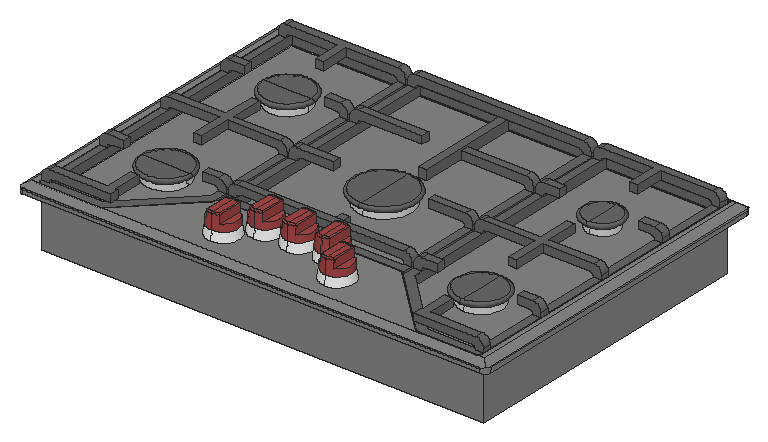
Revit family "M_Fogão-gás(1)", category Equipamento especial, Revit 2019
Family settings
  Cota do conector redondo = Utilizar diâmetro
  Tipo de parte = Normal
  Número OmniClass = 23.40.40.14
  Título OmniClass = Food Service Equipment
  Com base no plano de trabalho = Sim
  Sempre na vertical = Sim
  Corte com vazios quando carregada = Não
  Compartilhado = Não
  Ponto de cálculo do ambiente = Não
Parameters (values of type "750mm")
  Largura = 750 mm
  Voltagem = 120 V
  Type Comments = ""
  Acabamento da moldura = Eletrodoméstico – Cromado
  Mostrar legenda = yes
  Consumo de energia = 50 VA
  Legenda = "Fogão"
  Altura da superfície = 15 mm
  Botão = Eletrodoméstico – Plástico – Vermelho
  Espessura da carcaça = 100 mm
  Descrição = "Fogão a gás"
  Elevação-padrão = 1200 mm
  Profundidade do balcão = 530 mm
  Grelha central = 300 mm
  Queimador = Eletrodoméstico – Tampa do queimador
  Código de montagem = "E1090320"
  Acabamento do eletrodoméstico = Eletrodoméstico – Aço inoxidável
  Amperagem = Consumo de energia / Voltagem  # 0.416667 A
Types (2, lengths in mm): name | Largura
  900mm | 900
  750mm | 750
Reference planes
  plane 1 "Face do armário": y = 0
  plane 2: z = 0
  plane 3 "Centro (Esquerda/Direita)": x = 0
  plane 4 "Esquerda": x = -375
  plane 5 "Direita": x = 375
  plane 6 "Parte posterior": y = 265
  plane 7 "Traseira da porta": y = -265
  plane 8 "Superior": z = 15
  plane 9 "Base": z = -85
  plane 10: x = -353
  plane 11: x = 353
  plane 12: y = -243
  plane 13: y = 243
  plane 14: x = -150
  plane 15: x = 150
  plane 16 "Queimadores posteriores": y = 121.5
  plane 17 "Queimadores frontais": y = -121.5
  plane 18 "Queimadores direitos": x = 251.5
  plane 19 "Queimadores esquerdos": x = -251.5
  plane 20: x = -245.15
  plane 21: x = -257.85
  plane 22: y = -115.15
  plane 23: y = -127.85
  plane 24: y = 127.85
  plane 25: y = 115.15
  plane 26: x = -315
  plane 27: x = -188
  plane 28: x = -31.75
  plane 29: x = 31.75
  plane 30: x = 245.15
  plane 31: x = 257.85
  plane 32: x = 315
  plane 33: x = 188
  plane 34: y = -519
  plane 35: y = -207.85
  plane 36: y = -169.75
  plane 37: y = 230.3
  plane 38: y = 185
  plane 39: y = -230.3
  plane 40: y = -185
  plane 41: y = 252.3
  plane 42: y = 239.6
  plane 43: z = 21.35
  plane 44: z = 34.05
  plane 45: y = -58
  plane 46: x = -242.3
  plane 47: x = 242.3
  plane 48: z = 0.397
  plane 49: y = -252.3
  plane 50: y = -238.012
  plane 51: z = -42.5
  plane 52: x = -75
  plane 53: x = -6.35
  plane 54: x = 6.35
  plane 55: y = 76.2
  plane 56: y = -76.2
  plane 57: x = -76.2
  plane 58: x = 76.2
Forms (mm)
  Extrusion 1, solid, material "Eletrodoméstico – Aço inoxidável" <- "Acabamento do eletrodoméstico"
    sketch origin (0, 0, -85) x (-1, 0, 0) y (0, -1, 0)
      loop
        line (353, -243) -> (353, 243) -> (-353, 243) -> (-353, -243) -> (353, -243)
    from 0 to 82.55
  Sweep 2, void
    path in 3D
      loop
        line (-375, -265, 14.287) -> (375, -265, 14.287) -> (375, 265, 14.287) -> (-375, 265, 14.287) -> (-375, -265, 14.287)
    profile origin (-375, 0, 14.287) x (1, 0, 0) y (0, 0, 1)
      loop
        line (0.746, -6.759) -> (12.7, 0.713) -> (0, 0.713) -> (0, -8.105)
        arc (0, -8.105) -> (0.199, -7.335) -> (0.746, -6.759) r 1.587
  Extrusion 3, solid, material "Eletrodoméstico – Ferro fundido", detail levels fine
    sketch origin (0, -3.2, 0) x (1, 0, 0) y (0, 1, 0)
      loop
        line (-353, -249.1) -> (-251.6, -249.1) -> (-150, -147.5) -> (-150, 255.5) -> (-353, 255.5) -> (-353, -249.1)
      loop
        line (146.825, -141.15) -> (146.825, 255.5) -> (-146.825, 255.5) -> (-146.825, -141.15) -> (146.825, -141.15)
      loop
        line (251.6, -249.1) -> (346.65, -249.1)
        arc (346.65, -249.1) -> (351.14, -247.24) -> (353, -242.75) r 6.35
        line (353, -242.75) -> (353, 255.5) -> (150, 255.5) -> (150, -147.5) -> (251.6, -249.1)
      loop
        line (-162.7, 242.8) -> (-340.3, 242.8) -> (-340.3, -236.4) -> (-259.106, -236.4) -> (-162.7, -139.994) -> (-162.7, 242.8)
      loop
        line (134.125, 242.8) -> (6.35, 242.8) -> (6.35, 79.4) -> (-6.35, 79.4) -> (-6.35, 242.8) -> (-134.125, 242.8) -> (-134.125, -128.45) -> (-6.35, -128.45) -> (-6.35, -73) -> (6.35, -73) -> (6.35, -128.45) -> (134.125, -128.45) -> (134.125, 242.8)
      loop
        line (162.7, 242.8) -> (162.7, -139.994) -> (259.106, -236.4) -> (340.3, -236.4) -> (340.3, 242.8) -> (162.7, 242.8)
    from 0 to 15
  Extrusion 4, solid, material "Eletrodoméstico – Ferro fundido", detail levels fine
    sketch origin (0, -3.2, 15) x (-1, 0, 0) y (0, -1, 0)
      loop
        line (353, -246.2) -> (353, -233.5) -> (257.85, -233.5) -> (257.85, -188.2) -> (245.15, -188.2) -> (245.15, -233.5) -> (150, -233.5) -> (150, -246.2) -> (353, -246.2)
      loop
        line (353, 239.8) -> (242.3, 239.8) -> (242.3, 227.1) -> (245.15, 227.1) -> (245.15, 181.8) -> (257.85, 181.8) -> (257.85, 227.1) -> (353, 227.1) -> (353, 239.8)
      loop
        line (353, -9.55) -> (353, 3.15) -> (257.85, 3.15) -> (257.85, 54.8) -> (245.15, 54.8) -> (245.15, 3.15) -> (150, 3.15) -> (150, -9.55) -> (245.15, -9.55) -> (245.15, -61.2) -> (257.85, -61.2) -> (257.85, -9.55) -> (353, -9.55)
      loop
        line (353, 111.95) -> (353, 124.65) -> (315, 124.65) -> (315, 111.95) -> (353, 111.95)
      loop
        line (150, 111.95) -> (188, 111.95) -> (188, 124.65) -> (150, 124.65) -> (150, 111.95)
      loop
        line (353, -131.05) -> (353, -118.35) -> (315, -118.35) -> (315, -131.05) -> (353, -131.05)
      loop
        line (188, -131.05) -> (188, -118.35) -> (150, -118.35) -> (150, -131.05) -> (188, -131.05)
      loop
        line (146.825, -246.2) -> (146.825, -233.5) -> (-146.825, -233.5) -> (-146.825, -246.2) -> (146.825, -246.2)
      loop
        line (146.825, -131.05) -> (146.825, -118.35) -> (31.75, -118.35) -> (31.75, -131.05) -> (146.825, -131.05)
      loop
        line (-146.825, -118.35) -> (-146.825, -131.05) -> (-31.75, -131.05) -> (-31.75, -118.35) -> (-146.825, -118.35)
      loop
        line (146.825, -9.55) -> (146.825, 3.15) -> (76.2, 3.15) -> (76.2, -9.55) -> (146.825, -9.55)
      loop
        line (-146.825, 3.15) -> (-146.825, -9.55) -> (-76.2, -9.55) -> (-76.2, 3.15) -> (-146.825, 3.15)
      loop
        line (146.825, 111.95) -> (146.825, 124.65) -> (-146.825, 124.65) -> (-146.825, 111.95) -> (146.825, 111.95)
      loop
        line (-353, -246.2) -> (-150, -246.2) -> (-150, -233.5) -> (-245.15, -233.5) -> (-245.15, -188.2) -> (-257.85, -188.2) -> (-257.85, -233.5) -> (-353, -233.5) -> (-353, -246.2)
      loop
        line (-353, 239.8) -> (-353, 227.1) -> (-257.85, 227.1) -> (-257.85, 181.8) -> (-245.15, 181.8) -> (-245.15, 227.1) -> (-242.3, 227.1) -> (-242.3, 239.8) -> (-353, 239.8)
      loop
        line (-353, -9.55) -> (-257.85, -9.55) -> (-257.85, -61.2) -> (-245.15, -61.2) -> (-245.15, -9.55) -> (-150, -9.55) -> (-150, 3.15) -> (-245.15, 3.15) -> (-245.15, 54.8) -> (-257.85, 54.8) -> (-257.85, 3.15) -> (-353, 3.15) -> (-353, -9.55)
      loop
        line (-353, 111.95) -> (-315, 111.95) -> (-315, 124.65) -> (-353, 124.65) -> (-353, 111.95)
      loop
        line (-150, 111.95) -> (-150, 124.65) -> (-188, 124.65) -> (-188, 111.95) -> (-150, 111.95)
      loop
        line (-353, -131.05) -> (-315, -131.05) -> (-315, -118.35) -> (-353, -118.35) -> (-353, -131.05)
      loop
        line (-188, -131.05) -> (-150, -131.05) -> (-150, -118.35) -> (-188, -118.35) -> (-188, -131.05)
    from 0 to 19.05
  Extrusion 5, void
    sketch origin (0, -121.5, 0) x (-1, 0, 0) y (0, 0, 1)
      loop
        arc (169.05, 21.35) -> (164.56, 19.49) -> (162.7, 15) r 6.35
        line (162.7, 15) -> (340.3, 15)
        arc (340.3, 15) -> (338.44, 19.49) -> (333.95, 21.35) r 6.35
        line (333.95, 21.35) -> (169.05, 21.35)
      loop
        line (353, 34.05) -> (340.3, 34.05)
        arc (340.3, 34.05) -> (349.28, 30.33) -> (353, 21.35) r 12.7
        line (353, 21.35) -> (353, 34.05)
      loop
        line (150, 34.05) -> (150, 21.35)
        arc (150, 21.35) -> (153.72, 30.33) -> (162.7, 34.05) r 12.7
        line (162.7, 34.05) -> (150, 34.05)
      loop
        line (-169.05, 21.35) -> (-333.95, 21.35)
        arc (-333.95, 21.35) -> (-338.44, 19.49) -> (-340.3, 15) r 6.35
        line (-340.3, 15) -> (-162.7, 15)
        arc (-162.7, 15) -> (-164.56, 19.49) -> (-169.05, 21.35) r 6.35
      loop
        line (-353, 34.05) -> (-353, 21.35)
        arc (-353, 21.35) -> (-349.28, 30.33) -> (-340.3, 34.05) r 12.7
        line (-340.3, 34.05) -> (-353, 34.05)
      loop
        line (-150, 34.05) -> (-162.7, 34.05)
        arc (-162.7, 34.05) -> (-153.72, 30.33) -> (-150, 21.35) r 12.7
        line (-150, 21.35) -> (-150, 34.05)
      loop
        line (-146.825, 34.05) -> (-146.825, 21.35)
        arc (-146.825, 21.35) -> (-143.105, 30.33) -> (-134.125, 34.05) r 12.7
        line (-134.125, 34.05) -> (-146.825, 34.05)
      loop
        line (146.825, 34.05) -> (134.125, 34.05)
        arc (134.125, 34.05) -> (143.105, 30.33) -> (146.825, 21.35) r 12.7
        line (146.825, 21.35) -> (146.825, 34.05)
      loop
        arc (-127.775, 21.35) -> (-132.265, 19.49) -> (-134.125, 15) r 6.35
        line (-134.125, 15) -> (134.125, 15)
        arc (134.125, 15) -> (132.265, 19.49) -> (127.775, 21.35) r 6.35
        line (127.775, 21.35) -> (-127.775, 21.35)
    from -143.5 to 386.5
  Revolve 6, solid, material "Eletrodoméstico – Tampa do queimador" <- "Queimador"
    sketch origin (0, 121.5, 0) x (-1, 0, 0) y (0, 0, 1)
      loop
        line (251.5, 0) -> (285.489, 0) -> (283.25, 13.413) -> (289.6, 13.413)
        arc (289.6, 13.413) -> (292.775, 16.588) -> (289.6, 19.763) r 3.175
        line (289.6, 19.763) -> (251.5, 19.763) -> (251.5, 0)
      axis (251.5, 19.763) -> (251.5, 0)
    angle from 0 to 360
  Revolve 7, solid, material "Eletrodoméstico – Tampa do queimador" <- "Queimador"
    sketch origin (-479.65, -121.5, 0) x (-1, 0, 0) y (0, 0, 1)
      loop
        line (-228.15, 0) -> (-194.161, 0) -> (-196.4, 13.413) -> (-190.05, 13.413)
        arc (-190.05, 13.413) -> (-186.875, 16.588) -> (-190.05, 19.763) r 3.175
        line (-190.05, 19.763) -> (-228.15, 19.763) -> (-228.15, 0)
      axis (-228.15, 19.763) -> (-228.15, 0)
    angle from 0 to 360
  Extrusion 8, solid, material "Eletrodoméstico – Aço inoxidável" <- "Acabamento do eletrodoméstico"
    sketch origin (0, 0, 0) x (1, 0, 0) y (0, 1, 0)
      loop
        arc (-365.475, 265) -> (-372.21, 262.21) -> (-375, 255.475) r 9.525
        line (-375, 255.475) -> (-375, -255.475)
        arc (-375, -255.475) -> (-372.21, -262.21) -> (-365.475, -265) r 9.525
        line (-365.475, -265) -> (365.475, -265)
        arc (365.475, -265) -> (372.21, -262.21) -> (375, -255.475) r 9.525
        line (375, -255.475) -> (375, 255.475)
        arc (375, 255.475) -> (372.21, 262.21) -> (365.475, 265) r 9.525
        line (365.475, 265) -> (-365.475, 265)
    from 0 to 15
  Blend 9, void
    base sketch origin (0, 0, 0) x (1, 0, 0) y (0, 1, 0)
      loop
        line (-338.884, 238.209) -> (-338.884, -238.012) -> (-257.494, -238.012) -> (-149.544, -130.062) -> (149.593, -130.062) -> (257.543, -238.012) -> (338.737, -238.012) -> (338.737, 238.209) -> (-338.884, 238.209)
    top sketch origin (0, 0, 0) x (1, 0, 0) y (0, 1, 0)
      loop
        arc (-346.65, 252.3) -> (-351.14, 250.44) -> (-353, 245.95) r 6.35
        line (-353, 245.95) -> (-353, -245.95)
        arc (-353, -245.95) -> (-351.14, -250.44) -> (-346.65, -252.3) r 6.35
        line (-346.65, -252.3) -> (-262.121, -252.3)
        arc (-262.121, -252.3) -> (-252.401, -250.367) -> (-244.161, -244.861) r 25.4
        line (-244.161, -244.861) -> (-151.089, -151.789)
        arc (-151.089, -151.789) -> (-142.849, -146.283) -> (-133.129, -144.35) r 25.4
        line (-133.129, -144.35) -> (133.129, -144.35)
        arc (133.129, -144.35) -> (142.849, -146.283) -> (151.089, -151.789) r 25.4
        line (151.089, -151.789) -> (244.161, -244.861)
        arc (244.161, -244.861) -> (252.401, -250.367) -> (262.121, -252.3) r 25.4
        line (262.121, -252.3) -> (346.65, -252.3)
        arc (346.65, -252.3) -> (351.14, -250.44) -> (353, -245.95) r 6.35
        line (353, -245.95) -> (353, 245.95)
        arc (353, 245.95) -> (351.14, 250.44) -> (346.65, 252.3) r 6.35
        line (346.65, 252.3) -> (-346.65, 252.3)
    from 0.397 to 15
  Extrusion 10, solid, not visible
    sketch origin (0, 265, 0) x (-1, 0, 0) y (0, 0, 1)
      loop
        circle (-251.5, -42.5) r 12.7
      loop
        circle (75, -42.5) r 12.7
    from -22 to -74.241
  Revolve 11, solid, material "Eletrodoméstico – Tampa do queimador" <- "Queimador"
    sketch origin (251.5, 0, 0) x (0, 1, 0) y (0, 0, 1)
      loop
        line (-121.5, 19.794) -> (-159.6, 19.794)
        arc (-159.6, 19.794) -> (-162.775, 16.619) -> (-159.6, 13.444) r 3.175
        line (-159.6, 13.444) -> (-153.25, 13.444) -> (-155.489, 0) -> (-121.5, 0) -> (-121.5, 19.794)
      axis (-121.5, 0) -> (-121.5, 19.794)
    angle from 0 to 360
  Revolve 12, solid, material "Eletrodoméstico – Tampa do queimador" <- "Queimador"
    sketch origin (251.5, 0, 0) x (0, 1, 0) y (0, 0, 1)
      loop
        line (121.5, 19.759) -> (92.925, 19.759)
        arc (92.925, 19.759) -> (89.75, 16.584) -> (92.925, 13.409) r 3.175
        line (92.925, 13.409) -> (99.275, 13.409) -> (97.036, 0) -> (121.5, 0) -> (121.5, 19.759)
      axis (121.5, 0) -> (121.5, 19.759)
    angle from 0 to 360
  Revolve 13, solid, material "Eletrodoméstico – Tampa do queimador" <- "Queimador"
    sketch origin (0, 0, 0) x (0, 1, 0) y (0, 0, 1)
      loop
        line (0, 19.732) -> (-47.341, 19.732)
        arc (-47.341, 19.732) -> (-50.565, 16.507) -> (-47.341, 13.283) r 3.225
        line (-47.341, 13.283) -> (-40.991, 13.283) -> (-43.23, 0) -> (0, 0) -> (0, 19.732)
      axis (0, 19.732) -> (0, 0)
    angle from 0 to 360
Cuts and joins
  Extrusion 5, Blend 9 cuts Extrusion 4
  Sweep 2, Blend 9 cuts Extrusion 8
  Blend 9 cuts Extrusion 1
Lines and regions (mm)
  symbolic lines, style "Eletrodomésticos"
    curve 1: line (-375, 265, 0) -> (375, 265, 0)
    curve 2: line (-375, 265, 0) -> (-375, -265, 0)
    curve 3: line (375, -265, 0) -> (375, 265, 0)
    curve 4: line (-375, -265, 0) -> (375, -265, 0)
  sketch lines
    curve 5: line (-375, 265, 14.287) -> (-375, -265, 14.287)
    curve 6: line (375, 265, 14.287) -> (-375, 265, 14.287)
    curve 7: line (375, -265, 14.287) -> (375, 265, 14.287)
    curve 8: line (-375, -265, 14.287) -> (375, -265, 14.287)
Dimensions and locks
  equal spacing: plane 4 "Esquerda", plane 3 "Centro (Esquerda/Direita)", plane 5 "Direita"
  "Largura": plane 4 "Esquerda" to plane 5 "Direita"
  "Altura da superfície": plane 8 "Superior" to level
  "Espessura da carcaça": plane 8 "Superior" to plane 9 "Base"
  "Profundidade do balcão": plane 6 "Parte posterior" to plane 7 "Traseira da porta"
  locked: plane 4 "Esquerda" to plane 10 at 22
  locked: plane 11 to plane 5 "Direita" at 22
  locked: plane 6 "Parte posterior" to plane 13 at 22
  locked: plane 12 to plane 7 "Traseira da porta" at 22
  locked: Sweep 2 sketch curve to plane 4 "Esquerda" at 12.7
  locked: plane 8 "Superior" to Sweep 2 sketch curve at 8.817
  locked: Extrusion 3 to plane 8 "Superior" at 0
  equal spacing: plane 14, plane 3 "Centro (Esquerda/Direita)", plane 15
  "Grelha central": plane 14 to plane 15
  equal spacing: plane 10, plane 19 "Queimadores esquerdos", plane 14
  equal spacing: plane 15, plane 18 "Queimadores direitos", plane 11
  equal spacing: plane 12, plane 17 "Queimadores frontais", plane 1 "Face do armário", plane 16 "Queimadores posteriores", plane 13
  plane 17 "Queimadores frontais" to plane 1 "Face do armário" = 121.5 mm
  locked: plane 7 "Traseira da porta" to plane 34 at 254
  locked: plane 35 to plane 12 at 35.15
  locked: plane 36 to plane 35 at 38.1
  plane 26 to plane 21 to plane 19 "Queimadores esquerdos" to plane 20 to plane 27 = 57.15 mm locked, 6.35 mm locked, 6.35 mm locked, 57.15 mm locked
  locked: plane 14 to Extrusion 4 sketch curve at 3.175  (x4)
  plane 28 to plane 3 "Centro (Esquerda/Direita)" to plane 29 = 31.75 mm locked, 31.75 mm locked
  plane 33 to plane 30 to plane 18 "Queimadores direitos" to plane 31 to plane 32 = 57.15 mm locked, 6.35 mm locked, 6.35 mm locked, 57.15 mm locked
  locked: plane 13 to plane 37 at 12.7
  locked: plane 39 to plane 12 at 12.7
  plane 22 to plane 17 "Queimadores frontais" to plane 23 = 6.35 mm locked, 6.35 mm locked
  locked: Extrusion 4 sketch curve to plane 15 at 3.175  (x3)
  plane 24 to plane 16 "Queimadores posteriores" to plane 25 = 6.35 mm locked, 6.35 mm locked
  plane 6 "Parte posterior" to plane 41 to plane 42 = 12.7 mm locked, 12.7 mm locked
  locked: plane 10 to Extrusion 3 sketch curve at 12.7
  locked: Extrusion 3 sketch curve to plane 14 at 12.7
  locked: plane 14 to Extrusion 3 sketch curve at 3.175
  locked: plane 14 to Extrusion 3 sketch curve at 15.875
  locked: Extrusion 3 sketch curve to plane 15 at 3.175
  locked: Extrusion 3 sketch curve to plane 15 at 15.875
  locked: plane 15 to Extrusion 3 sketch curve at 12.7
  locked: Extrusion 3 sketch curve to plane 11 at 12.7
  locked: Extrusion 3 sketch curve to plane 7 "Traseira da porta" at 12.7  (x2)
  locked: Extrusion 3 sketch curve to plane 7 "Traseira da porta" at 25.4  (x2)
  locked: Extrusion 3 sketch curve to plane 12 at 98.65
  locked: Extrusion 3 sketch curve to plane 12 at 111.35
  locked: Extrusion 3 sketch curve to plane 12 at 99.806  (x2)
  locked: Extrusion 3 sketch curve to plane 12 at 92.3  (x2)
  locked: Extrusion 3 sketch curve to plane 14 at 101.6
  locked: Extrusion 3 sketch curve to plane 14 at 109.106
  locked: plane 15 to Extrusion 3 sketch curve at 109.106
  locked: plane 15 to Extrusion 3 sketch curve at 101.6
  locked: plane 43 to plane 8 "Superior" at 6.35
  locked: plane 10 to Extrusion 5 sketch curve at 12.7
  Extrusion 5 sketch curve to plane 14 to Extrusion 5 sketch curve = 12.7 mm locked, 15.875 mm locked
  Extrusion 5 sketch curve to plane 15 to Extrusion 5 sketch curve = 15.875 mm locked, 12.7 mm locked
  locked: Extrusion 5 sketch curve to plane 11 at 12.7
  locked: plane 44 to plane 43 at 12.7
  locked: plane 38 to plane 16 "Queimadores posteriores" at 63.5
  locked: plane 45 to plane 17 "Queimadores frontais" at 63.5
  locked: plane 17 "Queimadores frontais" to plane 40 at 63.5
  locked: plane 46 to plane 14 at 92.3
  locked: plane 15 to plane 47 at 92.3
  locked: plane 48 to plane 2 at 0.397
  locked: Blend 9 sketch curve to plane 13 at 9.3
  locked: plane 12 to plane 49 at 9.3
  locked: Extrusion 3 to plane 49 at 107.95
  locked: plane 13 to Blend 9 sketch curve at 4.791
  locked: Blend 9 sketch curve to plane 11 at 14.263
  locked: plane 10 to Blend 9 sketch curve at 14.116
  locked: plane 50 to plane 12 at 4.988
  locked: Blend 9 sketch curve to plane 50 at 107.95
  equal spacing: plane 9 "Base", plane 51, plane 2
  equal spacing: plane 3 "Centro (Esquerda/Direita)", plane 52, plane 14
  locked: Extrusion 10 to plane 13 at 52.241
  locked: plane 53 to plane 3 "Centro (Esquerda/Direita)" at 6.35
  locked: plane 3 "Centro (Esquerda/Direita)" to plane 54 at 6.35
  Revolve 13 sketch curve to Revolve 13 sketch curve = 47.341 mm
  locked: Revolve 11 sketch curve to Revolve 11 sketch curve at 38.1
  locked: plane 55 to plane 1 "Face do armário" at 76.2
  locked: plane 56 to plane 1 "Face do armário" at 76.2
  locked: plane 57 to plane 3 "Centro (Esquerda/Direita)" at 76.2
  locked: plane 3 "Centro (Esquerda/Direita)" to plane 58 at 76.2
  locked: plane 49 to Extrusion 3 (angle 45.00°)
  locked: Extrusion 3 to plane 49 (angle 45.00°)
  locked: plane 50 to Blend 9 sketch curve (angle 45.00°)
  locked: Blend 9 sketch curve to plane 50 (angle 45.00°)
  aligned and locked: plane 2 to level
  aligned and locked: plane 3 "Centro (Esquerda/Direita)" to nested 1
  aligned and locked: Extrusion 1 sketch curve to plane 13
  aligned and locked: Extrusion 1 sketch curve to plane 10
  aligned and locked: plane 12 to Extrusion 1 sketch curve
  aligned and locked: plane 11 to Extrusion 1 sketch curve
  aligned and locked: plane 8 "Superior" to Sweep 2 sketch curve
  aligned and locked: plane 4 "Esquerda" to Sweep 2 sketch curve
  aligned and locked: plane 8 "Superior" to nested 2
  aligned and locked: plane 3 "Centro (Esquerda/Direita)" to nested 2
  aligned and locked: plane 15 to Extrusion 3 sketch curve  (x2)
  aligned and locked: plane 8 "Superior" to Extrusion 3
  aligned and locked: plane 14 to Extrusion 4 sketch curve  (x3)
  aligned and locked: Extrusion 4 sketch curve to plane 13  (x2)
  aligned and locked: Extrusion 4 sketch curve to plane 10  (x3)
  aligned and locked: plane 21 to Extrusion 4 sketch curve  (x2)
  aligned and locked: Extrusion 4 sketch curve to plane 20  (x2)
  aligned and locked: Extrusion 4 sketch curve to plane 21  (x2)
  aligned and locked: plane 20 to Extrusion 4 sketch curve  (x2)
  aligned and locked: plane 23 to Extrusion 4 sketch curve  (x3)
  aligned and locked: Extrusion 4 sketch curve to plane 22  (x3)
  aligned and locked: Extrusion 4 sketch curve to plane 23  (x2)
  aligned and locked: plane 22 to Extrusion 4 sketch curve  (x2)
  aligned and locked: Extrusion 4 sketch curve to plane 24  (x3)
  aligned and locked: plane 25 to Extrusion 4 sketch curve  (x3)
  aligned and locked: Extrusion 4 sketch curve to Extrusion 4 sketch curve  (x12)
  aligned and locked: Extrusion 4 sketch curve to plane 26
  aligned and locked: plane 27 to Extrusion 4 sketch curve
  aligned and locked: Extrusion 4 sketch curve to plane 28
  aligned and locked: Extrusion 4 sketch curve to plane 29
  aligned and locked: plane 13 to Extrusion 4 sketch curve
  aligned and locked: Extrusion 4 sketch curve to plane 31  (x2)
  aligned and locked: plane 30 to Extrusion 4 sketch curve  (x2)
  aligned and locked: plane 31 to Extrusion 4 sketch curve  (x2)
  aligned and locked: Extrusion 4 sketch curve to plane 30  (x2)
  aligned and locked: Extrusion 4 sketch curve to plane 11  (x4)
  aligned and locked: plane 32 to Extrusion 4 sketch curve
  aligned and locked: plane 33 to Extrusion 4 sketch curve
  aligned and locked: Extrusion 4 sketch curve to plane 15
  aligned and locked: plane 24 to Extrusion 4 sketch curve  (x2)
  aligned and locked: Extrusion 4 sketch curve to plane 25  (x2)
  aligned and locked: plane 15 to Extrusion 4 sketch curve  (x2)
  aligned and locked: plane 10 to Extrusion 5 sketch curve
  aligned and locked: plane 14 to Extrusion 5 sketch curve
  aligned and locked: plane 15 to Extrusion 5 sketch curve
  aligned and locked: plane 11 to Extrusion 5 sketch curve
  aligned and locked: Extrusion 5 sketch curve to cut or joined group of Extrusion 4, Extrusion 5, Blend 9  (x2)
  aligned and locked: Revolve 6 sketch curve to plane 19 "Queimadores esquerdos"
  aligned and locked: Revolve 7 sketch curve to plane 19 "Queimadores esquerdos"
  aligned and locked: nested 1 to plane 34
  aligned and locked: nested 5 to plane 35
  aligned and locked: nested 6 to plane 35
  aligned and locked: nested 3 to plane 36
  aligned and locked: nested 2 to plane 36
  aligned and locked: nested 4 to plane 36
  aligned and locked: plane 37 to Extrusion 4 sketch curve  (x2)
  aligned and locked: Extrusion 4 sketch curve to plane 37  (x2)
  aligned and locked: plane 38 to Extrusion 4 sketch curve
  aligned and locked: Extrusion 4 sketch curve to plane 38
  aligned and locked: plane 39 to Extrusion 4 sketch curve  (x2)
  aligned and locked: Extrusion 4 sketch curve to plane 12
  aligned and locked: plane 10 to Extrusion 4 sketch curve
  aligned and locked: plane 40 to Extrusion 4 sketch curve
  aligned and locked: plane 12 to Extrusion 4 sketch curve
  aligned and locked: Extrusion 4 sketch curve to plane 39  (x2)
  aligned and locked: plane 11 to Extrusion 4 sketch curve
  aligned and locked: Extrusion 4 sketch curve to plane 40
  aligned and locked: Extrusion 4 sketch curve to plane 14
  aligned and locked: Extrusion 3 sketch curve to plane 41
  aligned and locked: plane 42 to Extrusion 3 sketch curve  (x3)
  aligned and locked: plane 14 to Extrusion 3 sketch curve
  aligned and locked: Extrusion 5 sketch curve to plane 8 "Superior"  (x3)
  aligned and locked: Extrusion 5 sketch curve to plane 43
  aligned and locked: plane 43 to Extrusion 5 sketch curve  (x8)
  aligned and locked: Extrusion 5 sketch curve to plane 44  (x4)
  aligned and locked: plane 44 to Extrusion 5 sketch curve  (x2)
  aligned and locked: plane 6 "Parte posterior" to Extrusion 5
  aligned and locked: Extrusion 5 to plane 7 "Traseira da porta"
  aligned and locked: Extrusion 8 sketch curve to plane 5 "Direita"
  aligned and locked: plane 7 "Traseira da porta" to Extrusion 8 sketch curve
  aligned and locked: plane 4 "Esquerda" to Extrusion 8 sketch curve
  aligned and locked: Extrusion 8 sketch curve to plane 6 "Parte posterior"
  aligned and locked: Extrusion 8 to plane 2
  aligned and locked: plane 8 "Superior" to Extrusion 8
  aligned and locked: plane 6 "Parte posterior" to curve 6
  aligned and locked: curve 8 to plane 7 "Traseira da porta"
  aligned and locked: curve 5 to plane 4 "Esquerda"
  aligned and locked: plane 5 "Direita" to curve 7
  aligned and locked: Extrusion 4 sketch curve to plane 45
  aligned and locked: plane 45 to Extrusion 4 sketch curve
  aligned and locked: plane 47 to Extrusion 4 sketch curve
  aligned and locked: plane 46 to Extrusion 4 sketch curve
  aligned and locked: plane 8 "Superior" to Blend 9
  aligned and locked: cut or joined group of Sweep 2, Extrusion 8, Blend 9 to plane 48
  aligned and locked: Blend 9 sketch curve to plane 10
  aligned and locked: plane 11 to Blend 9 sketch curve
  aligned and locked: plane 49 to Blend 9 sketch curve  (x2)
  aligned and locked: plane 50 to Blend 9 sketch curve  (x2)
  aligned and locked: plane 8 "Superior" to nested 4
  aligned and locked: plane 8 "Superior" to nested 5
  aligned and locked: plane 8 "Superior" to nested 3
  aligned and locked: plane 8 "Superior" to nested 6
  aligned and locked: plane 51 to Extrusion 10 sketch curve  (x2)
  aligned and locked: plane 18 "Queimadores direitos" to Extrusion 10 sketch curve
  aligned and locked: plane 52 to Extrusion 10 sketch curve
  aligned and locked: Extrusion 10 to plane 13
  aligned and locked: Extrusion 3 sketch curve to plane 53  (x2)
  aligned and locked: Extrusion 3 sketch curve to plane 54  (x2)
  aligned and locked: Revolve 11 sketch curve to plane 17 "Queimadores frontais"
  aligned and locked: Revolve 12 sketch curve to plane 16 "Queimadores posteriores"
  aligned and locked: plane 1 "Face do armário" to Revolve 13 sketch curve
  aligned and locked: Revolve 13 sketch curve to plane 1 "Face do armário"
  aligned and locked: Extrusion 3 sketch curve to plane 55
  aligned and locked: plane 56 to Extrusion 3 sketch curve
  aligned and locked: Extrusion 4 sketch curve to plane 57
  aligned and locked: Extrusion 4 sketch curve to plane 58
  aligned and locked: Extrusion 3 sketch curve to Extrusion 3 sketch curve
Automatic sketch dimensions
  curve 4 to plane 4 "Esquerda" = 0 mm
  curve 3 to plane 5 "Direita" = 0 mm
  curve 4 to plane 7 "Traseira da porta" = 0 mm
  curve 3 to plane 6 "Parte posterior" = 0 mm
  Sweep 2 sketch curve to profile plane = 0.746 mm
  Sweep 2 sketch curve to profile plane = 1.587 mm
  Extrusion 3 sketch curve to plane 10 = 0 mm  (x3)
  Extrusion 3 sketch curve to plane 11 = 0 mm  (x2)
  Extrusion 3 sketch curve to plane 42 = 0 mm
  Extrusion 3 sketch curve to plane 41 = 0 mm  (x4)
  Extrusion 3 sketch curve to plane 12 = 2.95 mm
  Extrusion 3 sketch curve to Extrusion 3 sketch curve = 0 mm
  Extrusion 4 sketch curve to plane 15 = 0 mm
  Extrusion 4 sketch curve to plane 10 = 0 mm
  Extrusion 4 sketch curve to plane 37 = 0 mm
  Extrusion 4 sketch curve to plane 24 = 0 mm
  Extrusion 4 sketch curve to plane 25 = 0 mm
  Extrusion 4 sketch curve to plane 25 = 57.15 mm  (x2)
  Extrusion 4 sketch curve to plane 1 "Face do armário" = 6.35 mm  (x2)
  plane 1 "Face do armário" to Extrusion 4 sketch curve = 6.35 mm  (x2)
  Extrusion 5 sketch curve to plane 44 = 0 mm
  Extrusion 5 sketch curve to Extrusion 5 sketch curve = 0 mm
  Revolve 6 sketch curve to level = 0 mm
  Revolve 6 sketch curve to plane 19 "Queimadores esquerdos" = 0 mm
  Revolve 6 sketch curve to plane 8 "Superior" = 1.587 mm
  Revolve 6 sketch curve to plane 19 "Queimadores esquerdos" = 31.75 mm
  Revolve 6 sketch curve to Revolve 6 sketch curve = 2.239 mm
  plane 8 "Superior" to Revolve 6 sketch curve = 4.763 mm
  Revolve 6 sketch curve to Revolve 6 sketch curve = 6.35 mm
  Revolve 6 sketch curve to plane 9 "Base" = 222.25 mm
  Revolve 6 sketch curve to Revolve 6 sketch curve = 2419.35 mm
  Revolve 7 sketch curve to level = 0 mm
  Revolve 7 sketch curve to plane 19 "Queimadores esquerdos" = 0 mm
  Revolve 7 sketch curve to plane 8 "Superior" = 1.587 mm
  Revolve 7 sketch curve to plane 19 "Queimadores esquerdos" = 31.75 mm
  Revolve 7 sketch curve to Revolve 7 sketch curve = 2.239 mm
  plane 8 "Superior" to Revolve 7 sketch curve = 4.763 mm
  Revolve 7 sketch curve to Revolve 7 sketch curve = 6.35 mm
  Revolve 7 sketch curve to plane 9 "Base" = 222.25 mm
  Revolve 7 sketch curve to Revolve 7 sketch curve = 2419.35 mm
  plane 4 "Esquerda" to Extrusion 8 sketch curve = 9.525 mm  (x2)
  Extrusion 8 sketch curve to plane 5 "Direita" = 9.525 mm  (x2)
  Blend 9 sketch curve to plane 46 = 15.194 mm
  plane 15 to Blend 9 sketch curve = 0.407 mm
  Blend 9 sketch curve to plane 36 = 0 mm  (x2)
  plane 13 to Blend 9 sketch curve = 2.95 mm  (x2)
  Blend 9 sketch curve to plane 10 = 6.35 mm
  Blend 9 sketch curve to plane 46 = 19.821 mm
  Blend 9 sketch curve to plane 46 = 1.861 mm
  plane 14 to Blend 9 sketch curve = 1.089 mm
  Blend 9 sketch curve to plane 14 = 16.871 mm
  plane 15 to Blend 9 sketch curve = 16.871 mm
  Blend 9 sketch curve to plane 15 = 1.089 mm
  plane 47 to Blend 9 sketch curve = 1.861 mm
  plane 47 to Blend 9 sketch curve = 19.821 mm
  plane 11 to Blend 9 sketch curve = 6.35 mm
  Blend 9 sketch curve to plane 12 = 1.861 mm  (x2)
  plane 36 to Blend 9 sketch curve = 17.961 mm
  Revolve 11 sketch curve to level = 0 mm
  Revolve 11 sketch curve to plane 17 "Queimadores frontais" = 0 mm
  Revolve 11 sketch curve to plane 8 "Superior" = 1.556 mm
  Revolve 11 sketch curve to Revolve 11 sketch curve = 2.239 mm
  Revolve 11 sketch curve to Revolve 11 sketch curve = 6.35 mm
  plane 8 "Superior" to Revolve 11 sketch curve = 1.619 mm
  Revolve 11 sketch curve to plane 9 "Base" = 222.25 mm
  Revolve 11 sketch curve to Revolve 11 sketch curve = 2419.319 mm
  Revolve 12 sketch curve to level = 0 mm
  Revolve 12 sketch curve to plane 16 "Queimadores posteriores" = 0 mm
  Revolve 12 sketch curve to plane 8 "Superior" = 1.591 mm
  Revolve 12 sketch curve to plane 16 "Queimadores posteriores" = 22.225 mm
  Revolve 12 sketch curve to Revolve 12 sketch curve = 2.239 mm
  Revolve 12 sketch curve to Revolve 12 sketch curve = 6.35 mm
  plane 8 "Superior" to Revolve 12 sketch curve = 1.584 mm
  Revolve 12 sketch curve to plane 9 "Base" = 222.25 mm
  Revolve 12 sketch curve to Revolve 12 sketch curve = 2419.353 mm
  Revolve 13 sketch curve to level = 0 mm
  Revolve 13 sketch curve to plane 8 "Superior" = 1.717 mm
  Revolve 13 sketch curve to Revolve 13 sketch curve = 2.239 mm
  Revolve 13 sketch curve to Revolve 13 sketch curve = 6.35 mm
  plane 8 "Superior" to Revolve 13 sketch curve = 1.507 mm
  Revolve 13 sketch curve to plane 9 "Base" = 527.05 mm
  Revolve 13 sketch curve to Revolve 13 sketch curve = 2324.787 mm
  Extrusion 4 sketch curve to Extrusion 4 sketch curve = 3.175 mm
  radius of Extrusion 10 sketch curve = 12.7 mm  (x2)
Nested families
  nested 1: "Anotação de legenda de 2,5" at (0, -519, 0), visible <- "Mostrar legenda", type "Anotação de legenda de 2,5"
  nested 2: "M_Botão" at (0, -169.75, 15), type "M_Botão", detail levels medium+fine
  nested 3: "M_Botão" at (-53.181, -169.75, 15), type "M_Botão", detail levels medium+fine
  nested 4: "M_Botão" at (53.181, -169.75, 15), type "M_Botão", detail levels medium+fine
  nested 5: "M_Botão" at (91.281, -207.85, 15), type "M_Botão", detail levels medium+fine
  nested 6: "M_Botão" at (-91.281, -207.85, 15), type "M_Botão", detail levels medium+fine
Connectors
  piping at (251.5, 243, -42.5), diameter 12.7
    settings: on Extrusion 10, index 1, connector inside diameter 609.6 mm, connector length 0 mm, flow factor 0, pipe flow 0.0 L/s, pressure drop 0.0 Pa, fitting loss kfactor 0, connector angle 0.00°, fixture units 0, engagement length 0 mm, angle of deflection 0.00°, flow configuration 1, flow direction 1, fitting loss method 0, system type 22, joint type 0, gender type 0, connector reference index -1, connector utility 0, adjustable connector no, is connector primary yes, connector description "Fogão a gás"
  electrical at (-75, 243, -42.5), driven by "Voltagem", driven by "Consumo de energia"
    settings: on Extrusion 10, index 2, voltage 120 V, apparent load 50 VA, apparent load phase1 0 VA, apparent load phase2 0 VA, apparent load phase3 0 VA, power factor 1, load classification "Eletrodoméstico", number of poles 1, system type 30, power factor state 1, is connector primary yes, connector utility no, sub classification motor no, connector description "Potência do fogão"
Definition of nested family "M_Botão"
  Parameters (values of type "Botão")
    Material = none
    Default Elevation = 1200 mm
    Material da moldura = none
  Reference planes
    plane 1 "Centro (Frente/Trás)": y = 0
    plane 2: z = 0
    plane 3 "Centro (Esquerda/Direita)": x = 0
    plane 4: z = 19.944
    plane 5: z = 39.944
  Forms (mm)
    Revolve 1, solid, material <- "Material"
      sketch origin (0, 0, 0) x (0, 0, -1) y (0, 1, 0)
        loop
          line (0, 25.4) -> (-14.514, 23.223) -> (-38.236, 22.545)
          arc (-38.236, 22.545) -> (-39.425, 22.022) -> (-39.914, 20.818) r 1.728
          line (-39.914, 20.818) -> (-39.914, 0) -> (0, 0) -> (0, 25.4)
        axis (0, 0) -> (-39.914, 0)
      angle from 0 to 360
    Extrusion 2, void
      sketch origin (0, 0, 0) x (1, 0, 0) y (0, 0, -1)
        loop
          line (22.929, -25.419) -> (10.894, -25.419) -> (10.894, -38.215)
          arc (10.894, -38.215) -> (10.387, -39.438) -> (9.165, -39.944) r 1.729
          line (9.165, -39.944) -> (22.929, -39.944) -> (22.929, -25.419)
        loop
          line (-22.929, -25.419) -> (-22.929, -39.944) -> (-9.165, -39.944)
          arc (-9.165, -39.944) -> (-10.387, -39.438) -> (-10.894, -38.215) r 1.729
          line (-10.894, -38.215) -> (-10.894, -25.419) -> (-22.929, -25.419)
      from -34.753 to 36.709
  Cuts and joins
    Extrusion 2 cuts Revolve 1
  Dimensions and locks
    locked: plane 5 to plane 4 at 20
    aligned and locked: plane 2 to level
    aligned and locked: plane 5 to Extrusion 2 sketch curve
    aligned and locked: Extrusion 2 sketch curve to plane 5
Definition of nested family "Anotação de legenda de 2,5"
  Parameters
    Legenda = "Congelador 36 LH"
  Reference planes
    plane 1: y = 0
    plane 2: x = 0
  Text (mm)
    label "Legenda" at (0.095, -0.088, 0), shows "Legenda"
